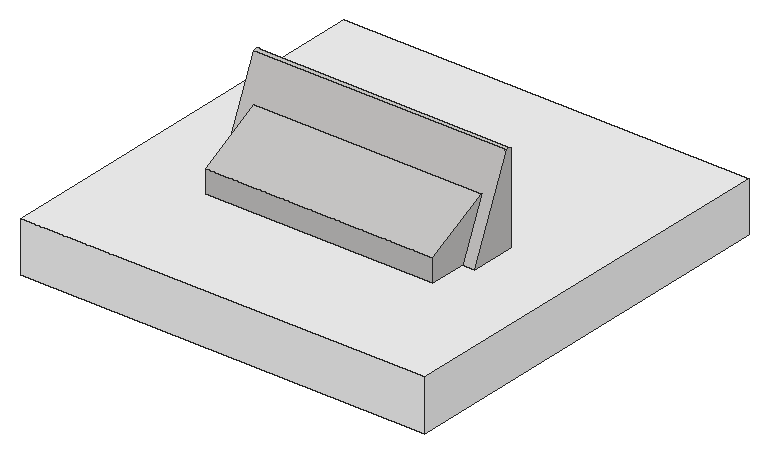
Revit family "WSW260", category Plumbing Fixtures, host Face, Revit 2022
Family settings
  Host = Face
  Round Connector Dimension = Use Diameter
  Part Type = Normal
  OmniClass Number = 23.45.05.14.14
  OmniClass Title = Sinks/Lavatories
  Cut with Voids When Loaded = No
  Maintain Annotation Orientation = No
  Shared = Yes
  Room Calculation Point = No
Parameters (values of type "WSW260-TC2")
  Width = 21 5/8"  # constant formula
  Waste Connection Radius = 3/4"
  Waste Connection Diameter = Waste Connection Radius * 2  # 1 1/2"
  Waste Connection = yes
  WFU = 4  # constant formula
  Vent Connection = no
  URL = "https://acorneng.com/home"
  Type Comments = "WEDGE™ Stainless Steel Trough Sink"  # constant formula
  Sink Inner Width = 15 3/4"  # constant formula
  Sink Inner Length = 57 7/8"  # constant formula
  SW000 - PTC Daisy Strainer, Tailpiece, 1-1/2” P-Trap, Chrome = no
  SW000 - PT Daisy Strainer, Tailpiece, 1-1/2” P-Trap, Plastic = no
  SW000 - F70 S/T Pushbutton Metering Faucet, Plate = no
  SW000 - F60 S/T Sensor Operated Faucet,J Spout, Plate = no
  SW000 - F51 H&C Wristblade Faucet, Spout = no
  SW000 - F50 H&C Wristblade Faucet, Gooseneck Spout = no
  Product Page URL = "https://www.acorneng.com/product.aspx?ProductId=3664"
  Product Documentation Link = "https://www.acorneng.com/uploads/fileLibrary/WSW000.pdf"
  Price = "Prices may vary. Please consult Manufacturer Representative for most up-to-date price list."  # constant formula
  PS1000 - PS Pump Soap Dispenser, Specify number = no
  Model = "WSW260"  # constant formula
  Manufacturer = "Acorn Engineering"  # constant formula
  Length = 60"  # constant formula
  Installation Type = "Wall Mounted"  # constant formula
  IAPMO Compliance = "ixture complies with ANSI, UFAS, CBC and ADA 2010 requirements for accessibility"  # constant formula
  Hot Water Connection Radius = 21/32"  # constant formula
  Hot Water Connection Diameter = Hot Water Connection Radius * 2  # 1 5/16"
  Height = 19 1/4"  # constant formula
  HWFU = 3  # constant formula
  HW Connection = yes
  Flow Rate = "0.5 GPM (1.9 LPM) for faucet type"  # constant formula
  EG - Enviro-Glaze, Specify Color = no
  Diameter For Soap Knockout = 1 3/8"  # constant formula
  Description = "Neo-Metro® by Acorn® provides this durable, stainless steel trough sink. It is available in sizes to accommodate from one to four users. The design is perfect for high-traffic restrooms, incorporating ample personal space while reducing wet, slippery floors.\r\n\r\nThe WSW000 Series hand washing station is wall mounted and features a unique “wedge”-shaped trough (patent pending) with a polished stainless steel finish and rounded corners.\r\n\r\nOptional trap enclosures are available to conceal hot and cold mixing valves and supply/waste connections while providing easy maintenance access. The enclosure is fabricated of 16 gauge, type 304 stainless steel with a satin finish. It is available in 24\" (610 mm) or 54\" (1,372 mm) widths.\r\n\r\nWhen mounted at 34\" (864 mm) from the finished floor, the fixture will comply with ANSI, UFAS, CBC, OBC, and ADA requirements. Compliance is subject to the interpretation and requirements of the local code authority."
  Default Elevation = 34"
  DSW000-TC2Accessory: Single 54" Wide Trap Enclosure = yes
  DSW000-TC1Accessory: Single 24" Wide Trap Enclosure = no
  Creation Date = "02/12/2021"  # constant formula
  Cold Water Connection Radius = 21/32"  # constant formula
  Cold Water Connection Diameter = Cold Water Connection Radius * 2  # 1 5/16"
  CWFU = 3  # constant formula
  CW Connection = yes
  Bowl Shape = "Trough"  # constant formula
  Body Material = Metal-Acorn-304-Stainless_Steel-16-Gauge
  Trap Enclosure Width = 54"
  Assembly Code = "D2010440"
  ADA Compliant = yes
Types (3): name | DSW000-TC2Accessory: Single 54" Wide Trap Enclosure | DSW000-TC1Accessory: Single 24" Wide Trap Enclosure | Trap Enclosure Width
  (no name) | yes | no | 54"
  WSW260-TC1 | no | yes | 24"
  WSW260-TC2 | yes | no | 54"
Reference planes (in)
  plane 1 "Center (Front/Back)": y = 0
  plane 2: z = 0
  plane 3 "Center (Left/Right)": x = 0
  plane 4: x = 30
  plane 5: x = -30
  plane 6: z = 21.625
  plane 7: x = -28.9375
  plane 8: x = 28.9375
  plane 9: z = 20.0625
  plane 10: z = 4.3125
  plane 11: y = -2.5
  plane 12: y = 1
  plane 13: y = -34
  plane 14: y = -19.25
  plane 15: x = 27
  plane 16: x = -27
  plane 17: z = 6.1875
  plane 18: y = -3.5
  plane 19: z = 2.4375
  plane 20: z = 2.3125
  plane 21: x = 17
  plane 22: x = 13
  plane 23: x = 22
  plane 24: y = 0.1
  plane 25: y = 2
  plane 26: y = -13
  plane 27: y = -8.75
  plane 28: y = -10
  plane 29: x = -9.25
  plane 30: x = -4.25
  plane 31: x = 9
  plane 32: x = 15
  plane 33: x = -17
  plane 34: x = -13
  plane 35: x = -8
  plane 36: x = -15
Forms (in)
  Extrusion 1, solid, material "White"
    sketch origin (0, 0, 0) x (1, 0, 0) y (0, 1, 0)
      loop
        line (-48, 48) -> (-48, -48) -> (48, -48) -> (48, 48) -> (-48, 48)
    from 0 to -12
  Extrusion 2, solid, material "Metal-Acorn-304-Stainless_Steel-16-Gauge" <- "Body Material"
    sketch origin (15, 27.86079, 0) x (0, -1, 0) y (0, 0, -1)
      loop
        line (27.86079, 0) -> (27.86079, -21.05311)
        arc (27.86079, -21.05311) -> (28.31584, -21.61505) -> (28.96011, -21.28678) r 0.57449
        line (28.96011, -21.28678) -> (38.4376, 0) -> (27.86079, 0)
    from -45 to 15
  Extrusion 3, solid, material "Metal-Acorn-304-Stainless_Steel-16-Gauge" <- "Body Material"
    sketch origin (30, 27.86079, 0) x (0, -1, 0) y (0, 0, -1)
      loop
        line (47.11079, 0) -> (38.4376, 0) -> (32.78067, -12.70567) -> (47.11079, -5.4041) -> (47.11079, 0)
    from -57 to -3
  Extrusion 4, void
    sketch origin (15, -2.5, 0) x (0, 0, -1) y (1, 0, 0)
      loop
        circle (-6.1875, -15) r 0.75
    from -3.5 to 1
  Extrusion 5, void
    sketch origin (30, 0, 0) x (0, 0, -1) y (1, 0, 0)
      loop
        circle (-2.4375, -13) r 0.65625
    from -1 to 2.5
  Extrusion 6, void
    sketch origin (0, 0, 0) x (0, 0, -1) y (1, 0, 0)
      loop
        circle (-2.4375, 13) r 0.65625
    from -1 to 2.5
  Extrusion 7, solid, material "Metal-Acorn-304-Stainless_Steel-16-Gauge"
    sketch origin (30, 0, 0) x (0, 0, 1) y (1, 0, 0)
      loop
        circle (2.3125, -8) r 0.6875
    from 0 to 0.1
  Extrusion 8, solid
    sketch origin (0, 0, 0) x (1, 0, 0) y (0, 1, 0)
      loop
        circle (0, -8.75) r 0.75
    from 0 to 0.1
  Extrusion 9, solid
    sketch origin (0, 0, 0) x (1, 0, 0) y (0, 1, 0)
      loop
        circle (-4.25, -13) r 0.65625
    from 0 to 0.1
  Extrusion 10, solid
    sketch origin (-13.5, 0, 0) x (-1, 0, 0) y (0, -1, 0)
      loop
        circle (-4.25, 13) r 0.65625
    from 0 to 0.1
  Extrusion 11, void
    sketch origin (-30, 0, 0) x (0, 0, -1) y (1, 0, 0)
      loop
        circle (-2.4375, 13) r 0.65625
    from -1 to 2.5
  Extrusion 12, void
    sketch origin (0, 0, 0) x (0, 0, -1) y (1, 0, 0)
      loop
        circle (-2.4375, -13) r 0.65625
    from -1 to 2.5
  Extrusion 13, solid, material "Metal-Acorn-304-Stainless_Steel-16-Gauge"
    sketch origin (-18.19416, 0, 0) x (0, 0, 1) y (1, 0, 0)
      loop
        circle (2.3125, 10.19416) r 0.6875
    from 0 to 0.1
  Extrusion 14, void
    sketch origin (-30, 27.86079, 0) x (0, -1, 0) y (0, 0, -1)
      loop
        line (26.86079, -4.3125) -> (26.86079, -20.0625) -> (28.44399, -20.0625) -> (29.61079, -8.3125) -> (30.36079, -8.3125) -> (30.36079, -4.3125) -> (26.86079, -4.3125)
    from 1.0625 to 58.9375
  Extrusion 15, void
    sketch origin (-2, 0, 0) x (0, 0, -1) y (1, 0, 0)
      loop
        circle (-2.4375, -13) r 0.65625
    from -1 to 2.5
  Extrusion 16, void
    sketch origin (2, 0, 0) x (0, 0, -1) y (1, 0, 0)
      loop
        circle (-2.4375, 13) r 0.65625
    from -1 to 2.5
Cuts and joins
  Extrusion 4, Extrusion 5, Extrusion 6, Extrusion 11, Extrusion 12, Extrusion 14, Extrusion 15, Extrusion 16 cuts Extrusion 2
  Extrusion 4, Extrusion 5 cuts Extrusion 3
Lines and regions (in)
  Masking region 1
    outline origin (15, 0, 0) x (0, 0, 1) y (1, 0, 0)
      loop
        line (21.625, -45) -> (21.625, 15) -> (0, 15) -> (0, -45) -> (21.625, -45)
  symbolic lines, detail levels medium+fine
    curve 1: line (28.9375, 0, 4.3125) -> (28.9375, 0, 20.0625)
    curve 2: line (28.9375, 0, 20.0625) -> (-28.9375, 0, 20.0625)
    curve 3: line (-28.9375, 0, 20.0625) -> (-28.9375, 0, 4.3125)
    curve 4: line (-28.9375, 0, 4.3125) -> (28.9375, 0, 4.3125)
    curve 5: circle (0, 0, 6.1875) r 0.75 normal (0, -1, 0)
    curve 6: circle (-13, 0, 2.4375) r 0.65625 normal (0, -1, 0)
    curve 7: circle (-17, 0, 2.4375) r 0.65625 normal (0, -1, 0)
    curve 8: circle (13, 0, 2.4375) r 0.65625 normal (0, -1, 0)
    curve 9: circle (17, 0, 2.4375) r 0.65625 normal (0, -1, 0)
    curve 12: line (-28.9375, 0, 8.3125) -> (28.9375, 0, 8.3125)
    curve 13: circle (-15, 0, 2.4375) r 0.65625 normal (0, -1, 0)
    curve 14: circle (15, 0, 2.4375) r 0.65625 normal (0, -1, 0)
  symbolic lines, detail levels fine
    curve 10: circle (22, 0, 2.3125) r 0.65625 normal (0, 1, 0)
    curve 11: circle (-8, 0, 2.3125) r 0.65625 normal (0, 1, 0)
Dimensions and locks (in)
  equal spacing: plane 5, plane 3 "Center (Left/Right)", plane 4
  "Length": plane 5 to plane 4
  "Width": level to plane 6
  plane 6 to plane 2 = 21 5/8"
  Extrusion 2 sketch curve to Extrusion 2 sketch curve = 10.5768"
  equal spacing: plane 7, plane 3 "Center (Left/Right)", plane 8
  "Sink Inner Length": plane 7 to plane 8
  "Sink Inner Width": plane 10 to plane 9
  locked: plane 11 to plane 1 "Center (Front/Back)" at 2.5
  locked: plane 1 "Center (Front/Back)" to plane 12 at 1
  locked: plane 9 to plane 6 at 1.5625
  "Default Elevation": plane 13 to plane 1 "Center (Front/Back)"
  "Height": plane 14 to plane 1 "Center (Front/Back)"
  equal spacing: plane 16, plane 3 "Center (Left/Right)", plane 15
  "Trap Enclosure Width": plane 16 to plane 15
  locked: plane 18 to plane 11 at 1
  cut or joined group 1 (Extrusion 2, Extrusion 4, Extrusion 5, Extrusion 6, Extrusion 11, Extrusion 12, Extrusion 14, Extrusion 15, Extrusion 16) to plane 24 to plane 12 = 0.1" locked, 0.9"
  plane 1 "Center (Front/Back)" to plane 25 = 2"
  plane 27 to plane 13 = 25 1/4"
  plane 26 to plane 13 = 21"
  plane 28 to plane 13 = 24"
  plane 29 to plane 3 "Center (Left/Right)" = 9 1/4"
  plane 29 to plane 30 = 5"
  plane 3 "Center (Left/Right)" to plane 31 = 9"
  equal spacing: plane 36, plane 3 "Center (Left/Right)", plane 32
  plane 36 to plane 32 = 30"
  plane 5 to plane 36 = 15"
  locked: plane 35 to plane 34 at 5
  locked: plane 21 to plane 23 at 5
  locked: plane 22 to plane 21 at 4
  locked: plane 34 to plane 33 at 4
  "Waste Connection Radius": radius of Extrusion 4 sketch curve
  "Cold Water Connection Radius": radius of Extrusion 5 sketch curve
  "Hot Water Connection Radius": radius of Extrusion 6 sketch curve
  "Diameter For Soap Knockout": diameter of Extrusion 7 sketch curve
  "Waste Connection Radius": radius of Extrusion 8 sketch curve
  "Cold Water Connection Radius": radius of Extrusion 9 sketch curve
  "Cold Water Connection Radius": radius of Extrusion 10 sketch curve
  "Cold Water Connection Radius": radius of Extrusion 11 sketch curve
  "Hot Water Connection Radius": radius of Extrusion 12 sketch curve
  "Diameter For Soap Knockout": diameter of Extrusion 13 sketch curve
  "Hot Water Connection Radius": radius of Extrusion 15 sketch curve
  "Hot Water Connection Radius": radius of Extrusion 16 sketch curve
  aligned and locked: plane 2 to Extrusion 1
  aligned and locked: level to Extrusion 1
  aligned and locked: plane 5 to Extrusion 2
  aligned and locked: Extrusion 2 to plane 4
  aligned and locked: cut or joined group 1 to Extrusion 3 sketch curve
  aligned and locked: Extrusion 1 to Extrusion 3 sketch curve
  aligned and locked: plane 14 to Extrusion 3 sketch curve
  aligned and locked: plane 16 to Extrusion 3
  aligned and locked: Extrusion 3 to plane 15
  aligned and locked: plane 17 to Extrusion 4 sketch curve
  aligned and locked: plane 3 "Center (Left/Right)" to Extrusion 4 sketch curve
  aligned and locked: Extrusion 4 to plane 18
  aligned and locked: plane 21 to Extrusion 5 sketch curve
  aligned and locked: plane 19 to Extrusion 5 sketch curve
  aligned and locked: plane 22 to Extrusion 6 sketch curve
  aligned and locked: plane 19 to Extrusion 6 sketch curve
  aligned and locked: plane 23 to Extrusion 7 sketch curve
  aligned and locked: plane 20 to Extrusion 7 sketch curve
  aligned and locked: plane 1 "Center (Front/Back)" to Extrusion 7
  aligned and locked: plane 24 to Extrusion 7
  aligned and locked: plane 3 "Center (Left/Right)" to Extrusion 8 sketch curve
  aligned and locked: plane 27 to Extrusion 8 sketch curve
  aligned and locked: plane 30 to Extrusion 9 sketch curve
  aligned and locked: plane 26 to Extrusion 9 sketch curve
  aligned and locked: plane 29 to Extrusion 10 sketch curve
  aligned and locked: plane 26 to Extrusion 10 sketch curve
  aligned and locked: Extrusion 10 to Extrusion 9
  aligned and locked: Extrusion 8 to Extrusion 9
  aligned and locked: plane 34 to Extrusion 12 sketch curve
  aligned and locked: plane 19 to Extrusion 12 sketch curve
  aligned and locked: plane 33 to Extrusion 11 sketch curve
  aligned and locked: plane 19 to Extrusion 11 sketch curve
  aligned and locked: plane 35 to Extrusion 13 sketch curve
  aligned and locked: plane 20 to Extrusion 13 sketch curve
  aligned and locked: curve 5 to cut or joined group 1
  aligned and locked: curve 6 to cut or joined group 1
  aligned and locked: curve 7 to cut or joined group 1
  aligned and locked: curve 8 to cut or joined group 1
  aligned and locked: curve 9 to cut or joined group 1
  aligned and locked: cut or joined group 1 to Masking region 1 sketch curve
  aligned and locked: Masking region 1 sketch curve to cut or joined group 1  (x2)
  aligned and locked: plane 10 to Extrusion 14 sketch curve
  aligned and locked: plane 11 to Extrusion 14 sketch curve
  aligned and locked: plane 9 to Extrusion 14 sketch curve
  aligned and locked: Extrusion 14 sketch curve to plane 12
  aligned and locked: plane 7 to Extrusion 14
  aligned and locked: Extrusion 14 to plane 8
  aligned and locked: curve 12 to cut or joined group 1
  aligned and locked: plane 36 to Extrusion 15 sketch curve
  aligned and locked: plane 19 to Extrusion 15 sketch curve
  aligned and locked: plane 32 to Extrusion 16 sketch curve
  aligned and locked: plane 19 to Extrusion 16 sketch curve
Automatic sketch dimensions
  Extrusion 1 sketch curve to Extrusion 1 sketch curve = 96"  (x2)
  Extrusion 2 sketch curve to plane 1 "Center (Front/Back)" = 0"
  Extrusion 2 sketch curve to level = 0"
  plane 1 "Center (Front/Back)" to Extrusion 2 sketch curve = 0.57449"
  Extrusion 2 sketch curve to plane 6 = 0.33822"
  Extrusion 2 sketch curve to Extrusion 2 sketch curve = 0.52483"
  Extrusion 3 sketch curve to Extrusion 2 = 4.91988"
  Extrusion 3 sketch curve to Extrusion 3 sketch curve = 5.4041"
  Extrusion 2 to Masking region 1 sketch curve = 0.57189"
  Extrusion 2 to Extrusion 14 sketch curve = 0.5832"
  Extrusion 14 sketch curve to Extrusion 14 sketch curve = 3/4"
  Extrusion 14 sketch curve to Extrusion 14 sketch curve = 4"
  Extrusion 2 to curve 10 = 2 5/16"
  curve 13 to curve 6 = 0"
  curve 14 to curve 8 = 0"
  Extrusion 2 to curve 4 = 1 1/16"  (x2)
  curve 4 to curve 12 = 4"
  curve 2 to Extrusion 2 = 0.99061"
  curve 13 to curve 6 = 2"
  curve 8 to curve 14 = 2"
  curve 9 to curve 10 = 5"
  Extrusion 2 to curve 11 = 2 5/16"
  curve 6 to curve 11 = 5"
  radius of curve 10 = 21/32"
  radius of curve 13 = 21/32"
  radius of curve 14 = 21/32"
  radius of curve 11 = 21/32"
Connectors (in)
  piping at (0, -2.5, 6.1875), diameter 1.5, driven by "Waste Connection Diameter", driven by "WFU"
    settings: on cut or joined group 1, index 1, connector inside diameter 24", connector length 0", flow factor 0, pipe flow 0 GPM, pressure drop 0.00 psi, fitting loss kfactor 0, connector angle 0.00°, fixture units 4, engagement length 0", angle of deflection 0.00°, flow configuration 3, flow direction 2, fitting loss method 0, system type 16, joint type 0, gender type 0, connector reference index -1, connector utility 0, adjustable connector no, is connector primary no, connector description "1 1/2\" Waste Outlet Connection"
  piping at (13, 0, 2.4375), diameter 1.3125, driven by "Hot Water Connection Diameter", driven by "HWFU"
    settings: on cut or joined group 1, index 2, connector inside diameter 24", connector length 0", flow factor 0, pipe flow 0 GPM, pressure drop 0.00 psi, fitting loss kfactor 0, connector angle 0.00°, fixture units 3, engagement length 0", angle of deflection 0.00°, flow configuration 3, flow direction 1, fitting loss method 0, system type 19, joint type 0, gender type 0, connector reference index -1, connector utility 0, adjustable connector no, is connector primary yes, connector description "1 1/2\" NPT, HW Inlet Connection 1"
  piping at (17, 0, 2.4375), diameter 1.3125, driven by "Cold Water Connection Diameter", driven by "CWFU"
    settings: on cut or joined group 1, index 3, connector inside diameter 24", connector length 0", flow factor 0, pipe flow 0 GPM, pressure drop 0.00 psi, fitting loss kfactor 0, connector angle 0.00°, fixture units 3, engagement length 0", angle of deflection 0.00°, flow configuration 3, flow direction 1, fitting loss method 0, system type 20, joint type 0, gender type 0, connector reference index -1, connector utility 0, adjustable connector no, is connector primary no, connector description "1 1/2\" NPT, CW Inlet Connection 1"
  piping at (-13, 0, 2.4375), diameter 1.3125, driven by "Cold Water Connection Diameter", driven by "CWFU"
    settings: on cut or joined group 1, index 4, connector inside diameter 24", connector length 0", flow factor 0, pipe flow 0 GPM, pressure drop 0.00 psi, fitting loss kfactor 0, connector angle 0.00°, fixture units 3, engagement length 0", angle of deflection 0.00°, flow configuration 3, flow direction 1, fitting loss method 0, system type 20, joint type 0, gender type 0, connector reference index -1, connector utility 0, adjustable connector no, is connector primary no, connector description "1 1/2\" NPT, CW Inlet Connection 2"
  piping at (-17, 0, 2.4375), diameter 1.3125, driven by "Hot Water Connection Diameter", driven by "HWFU"
    settings: on cut or joined group 1, index 5, connector inside diameter 24", connector length 0", flow factor 0, pipe flow 0 GPM, pressure drop 0.00 psi, fitting loss kfactor 0, connector angle 0.00°, fixture units 3, engagement length 0", angle of deflection 0.00°, flow configuration 3, flow direction 1, fitting loss method 0, system type 19, joint type 0, gender type 0, connector reference index -1, connector utility 0, adjustable connector no, is connector primary no, connector description "1 1/2\" NPT, HW Inlet Connection 2"
